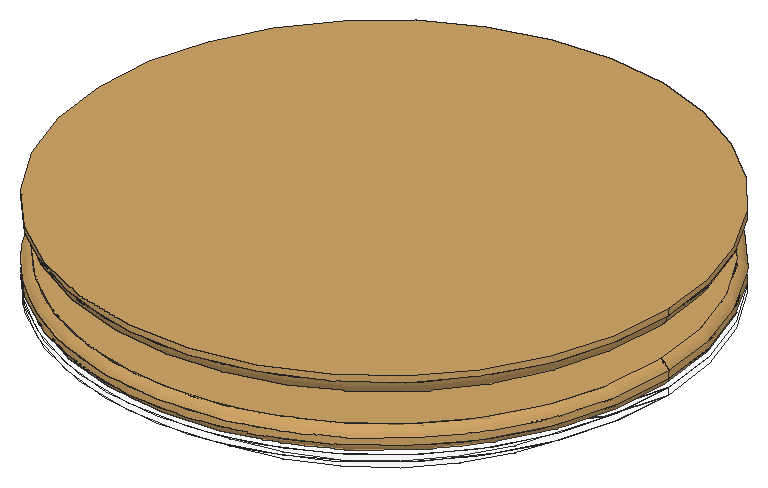
Revit family
Parameters (values of type "RO-0206 01 R245")
  Wattage = 80 W
  built-in parameter 1150110 = 1 (stored number, unit not read)
  built-in parameter 1114217 = 1 (stored number, unit not read)
  built-in parameter 1150109 = 1 (stored number, unit not read)
  built-in parameter 1150134 = 4
  built-in parameter 1150113 = 1 (stored number, unit not read)
  Manufacturer = "BaekAm"
  built-in parameter 1150115 = 1 (stored number, unit not read)
  built-in parameter 1150105 = 305.58 (stored number, unit not read)
  Light Source Symbol Size = 609.6 mm
  built-in parameter 1150137 = (empty or 0)
  built-in parameter 1150139 = (empty or 0)
  built-in parameter 1150112 = 1 (stored number, unit not read)
  built-in parameter 1150114 = 1 (stored number, unit not read)
  Lamp = ""
  Model = "ro-0206"
  조명 상자 재료 = 흰색 유리
  Lumens = 960 lm
  Wattage Comments = "(4)20"
  반지름 = 245 mm
  몰딩 재료 = 티크 폭 약함
  built-in parameter 1150132 = (empty or 0)
  built-in parameter 1150102 = (empty or 0)
  built-in parameter 1150138 = (empty or 0)
  built-in parameter 1150107 = 2800 (stored number, unit not read)
  built-in parameter 1150106 = 3.0558 (stored number, unit not read)
  Emit from Circle Diameter = 2 * 반지름  # 490 mm
  Emit Shape Visible in Rendering = no
  built-in parameter 1150104 = 1.1148 (stored number, unit not read)
  Dimming Lamp Color Temperature Shift = (empty or 0)
  Color Filter = 16777215
  built-in parameter 1114218 = 1 (stored number, unit not read)
  built-in parameter 1150133 = 10 (stored number, unit not read)
Types (4, lengths in mm): name | 반지름 | Emit from Circle Diameter
  (no name) | 245 | 490
  RO-0206 01 R245 | 245 | 490
  RO-0206 02 R295 | 295 | 590
  RO-0206 03 R335 | 335 | 670
Reference planes
  plane 1 "광원 축": y = -54.666
  plane 2 "천장": z = 2438.4
  plane 3 "광원 축": x = -99.09
  plane 4 "조명원 높이값": z = 2371.71
  plane 5: through (123.122, 123.122, 0) normal (0.7071, 0.7071, 0)
  plane 6: through (-276.878, -276.878, 0) normal (0.7071, 0.7071, 0)
  plane 7: through (-222.212, 222.212, 0) normal (0.7071, -0.7071, 0)
  plane 8: through (177.788, -177.788, 0) normal (0.7071, -0.7071, 0)
  plane 9: z = 2418.4
  plane 10: z = 2377.514
  plane 11: z = 2397.514
  plane 12: x = 145.91
  plane 13: x = -344.09
Forms (mm)
  Sweep 1, void
    path origin (0, 0, 2438.4) x (1, 0, 0) y (0, 1, 0)
      loop
        circle (-99.09, -54.666) r 245
    profile origin (-99.09, 0, 0) x (0, -1, 0) y (0, 0, 1)
      loop
        line (-190.334, 2418.395) -> (-175.334, 2418.395)
        arc (-175.334, 2418.395) -> (-184.396, 2424.333) -> (-190.334, 2433.395) r 26.568
        line (-190.334, 2433.395) -> (-190.334, 2418.395)
      loop
        line (-190.334, 2397.518) -> (-190.334, 2390.518)
        arc (-190.334, 2390.518) -> (-187.579, 2394.763) -> (-183.334, 2397.518) r 12.158
        line (-183.334, 2397.518) -> (-190.334, 2397.518)
      loop
        line (-190.334, 2377.514) -> (-183.334, 2377.514)
        arc (-183.334, 2377.514) -> (-187.581, 2380.267) -> (-190.334, 2384.514) r 12.125
        line (-190.334, 2384.514) -> (-190.334, 2377.514)
  Revolve 2, solid, material "흰색 유리" <- "조명 상자 재료"
    sketch origin (0, -54.666, 0) x (0, 0, -1) y (1, 0, 0)
      loop
        arc (-2371.71, -344.09) -> (-2309.462, -228.552) -> (-2287.941, -99.09) r 400.161
        line (-2287.941, -99.09) -> (-2292.514, -99.09)
        arc (-2292.514, -99.09) -> (-2314.367, -228.753) -> (-2377.514, -344.09) r 395.588
        line (-2377.514, -344.09) -> (-2371.71, -344.09)
      axis (-2377.514, -99.09) -> (-2287.941, -99.09)
    angle from 0 to 360
  Extrusion 3, solid, material "티크 폭 약함" <- "몰딩 재료"
    sketch origin (0, 0, 0) x (1, 0, 0) y (0, 1, 0)
      loop
        circle (-99.09, -54.666) r 245
    from 2418.4 to 2438.4
  Extrusion 4, solid, material "티크 폭 약함" <- "몰딩 재료"
    sketch origin (0, 0, 0) x (1, 0, 0) y (0, 1, 0)
      loop
        circle (-99.09, -54.666) r 245
    from 2397.514 to 2377.514
Cuts and joins
  Sweep 1 cuts Extrusion 4
  Sweep 1 cuts Extrusion 3
Lines and regions (mm)
  Opening 1
    outline origin (0, 0, 2438.4) x (1, 0, 0) y (0, 1, 0)
      loop
        circle (-99.09, -54.666) r 245
  sketch lines
    curve 1: line (-1623.09, 1469.334, 0) -> (1424.91, 1469.334, 0)
    curve 2: line (-1623.09, 1469.334, 0) -> (-1623.09, -1578.666, 0)
    curve 3: line (-1623.09, -1578.666, 0) -> (1424.91, -1578.666, 0)
    curve 4: line (1424.91, 1469.334, 0) -> (1424.91, -1578.666, 0)
  model lines
    curve 5: arc (-199.089, -54.823, 2438.4) -> (0.91, -54.666, 2438.4) -> (-199.089, -54.509, 2438.4) r 100
    curve 6: line (-272.331, 118.575, 2438.4) -> (-169.8, 16.045, 2438.4)
    curve 7: line (-28.379, -125.377, 2438.4) -> (74.152, -227.907, 2438.4)
    curve 8: line (-169.8, -125.377, 2438.4) -> (-272.331, -227.907, 2438.4)
    curve 9: line (-28.379, 16.045, 2438.4) -> (74.152, 118.575, 2438.4)
    curve 10: circle (-99.09, -54.666, 2438.4) r 245 normal (0, 0, 1)
Dimensions and locks
  equal spacing: curve 2, plane 3 "광원 축", curve 4
  equal spacing: curve 3, plane 1 "광원 축", curve 1
  curve 2 to curve 4 = 3048 mm
  curve 3 to curve 1 = 3048 mm
  equal spacing: plane 5, curve 6, plane 6
  equal spacing: plane 5, curve 7, plane 6
  equal spacing: plane 8, curve 9, plane 7
  equal spacing: plane 8, curve 8, plane 7
  locked: plane 2 "천장" to plane 9 at 20
  locked: plane 10 to plane 11 at 20
  "반지름": plane 3 "광원 축" to plane 12
  "반지름": plane 3 "광원 축" to plane 13
  "반지름": Revolve 2 sketch curve to Revolve 2 sketch curve
  "반지름": curve 7 to curve 9
  "반지름": curve 8 to curve 7
  "반지름": curve 6 to curve 8
  "반지름": radius of Opening 1 sketch curve
  "반지름": radius of Extrusion 3 sketch curve
  "반지름": radius of Extrusion 4 sketch curve
  "반지름": radius of Sweep 1 sketch curve
  "반지름": radius of curve 10
  aligned and locked: plane 1 "광원 축" to imposter light
  aligned and locked: plane 4 "조명원 높이값" to imposter light
  aligned and locked: imposter light to Revolve 2
  aligned and locked: plane 3 "광원 축" to Extrusion 3 sketch curve
  aligned and locked: plane 1 "광원 축" to Extrusion 3 sketch curve
  aligned and locked: plane 2 "천장" to Extrusion 3
  aligned and locked: Extrusion 3 to plane 9
  aligned and locked: plane 3 "광원 축" to Extrusion 4 sketch curve
  aligned and locked: plane 1 "광원 축" to Extrusion 4 sketch curve
  aligned and locked: plane 10 to Revolve 2
  aligned and locked: plane 10 to Extrusion 4
  aligned and locked: plane 11 to Extrusion 4
  aligned and locked: plane 3 "광원 축" to Sweep 1 sketch curve
  aligned and locked: plane 1 "광원 축" to Sweep 1 sketch curve
  aligned and locked: plane 3 "광원 축" to imposter light
  aligned and locked: imposter light to curve 10
  aligned and locked: plane 1 "광원 축" to curve 10
Automatic sketch dimensions
  Opening 1 sketch curve to plane 1 "광원 축" = 0 mm
  Opening 1 sketch curve to plane 3 "광원 축" = 0 mm
  curve 5 to plane 3 "광원 축" = 0 mm
  curve 6 to plane 3 "광원 축" = 70.711 mm
  plane 1 "광원 축" to curve 7 = 70.711 mm
  plane 1 "광원 축" to curve 8 = 70.711 mm
  curve 9 to plane 1 "광원 축" = 70.711 mm
  Sweep 1 sketch curve to profile plane = 0 mm  (x3)
  Sweep 1 sketch curve to profile plane = 7 mm
  Sweep 1 sketch curve to Sweep 1 sketch curve = 4.327 mm
  Sweep 1 sketch curve to Sweep 1 sketch curve = 0.025 mm
  Sweep 1 sketch curve to Sweep 1 sketch curve = 15 mm
  plane 2 "천장" to Sweep 1 sketch curve = 4.72 mm
  Sweep 1 sketch curve to profile plane = 24.724 mm
  Sweep 1 sketch curve to plane 2 "천장" = 5.005 mm
  Sweep 1 sketch curve to Sweep 1 sketch curve = 20.877 mm
  Sweep 1 sketch curve to Sweep 1 sketch curve = 7 mm  (x2)
  Sweep 1 sketch curve to Sweep 1 sketch curve = 2.674 mm
  Sweep 1 sketch curve to Sweep 1 sketch curve = 6.005 mm
  Revolve 2 sketch curve to plane 3 "광원 축" = 0 mm  (x2)
  Revolve 2 sketch curve to Revolve 2 sketch curve = 0 mm
  Revolve 2 sketch curve to plane 2 "천장" = 60.886 mm
  Revolve 2 sketch curve to Revolve 2 sketch curve = 5.804 mm
  Revolve 2 sketch curve to plane 2 "천장" = 100.863 mm
  Revolve 2 sketch curve to Revolve 2 sketch curve = 45.024 mm
  Revolve 2 sketch curve to Revolve 2 sketch curve = 70.241 mm
  plane 12 to curve 7 = 71.759 mm
  curve 5 to plane 1 "광원 축" = 0 mm
  radius of curve 5 = 100 mm
